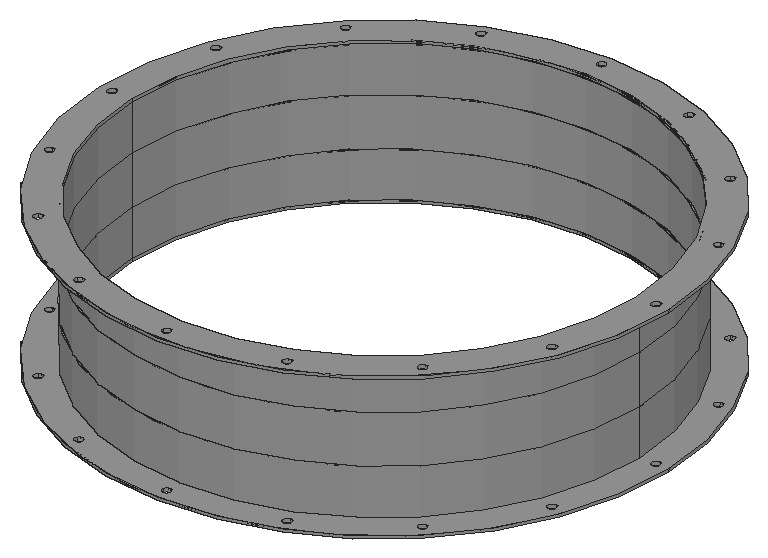
Revit family "ВВГФ-ВО_eng", category Duct Accessories, Revit 2021
Family settings
  Round Connector Dimension = Use Diameter
  Part Type = Attaches To
  Work Plane-Based = No
  Always vertical = Yes
  Cut with Voids When Loaded = No
  Shared = No
Parameters (values of type "VVGF-VO-900")
  Width = L  # 260 mm
  Weight = 11.40 kg
  Load Classification = "HVAC"
  Diameter = D2  # 1015 mm
  Default Elevation = 0 mm
  Manufacturer = "Vents"  # constant formula
  t = L - 5 mm  # 255 mm
  n = 16
  l1 = L / 3  # 86.667 mm
  l = L / 2  # 130 mm
  d = 15 mm
  URL = "https://ventilation-system.com/series/vvgf-vo"
  R1 = D1 / 2  # 485 mm
  Maintenance zone material = none
  L = 260 mm
  Dy = 900 mm
  Dn = Dy + 10 mm  # 910 mm
  D2 = 1015 mm
  D1 = 970 mm
  Casing Material = Metal, painted, blue, matte RAL 5007
  09_System_Name [instance] = ""
  00_20_Type = "VVGF-VO-900"
  00_20_Name = "Flexible joint"  # constant formula
  00_20_Manufacturer = "Vents"  # constant formula
Types (12, lengths in mm): name | Weight | Diameter | n | d | R1 | Dy | Dn | D2 | D1 | 00_20_Type
  (no name) | 11.40 kg | 1015 | 16 | 15 | 485 | 900 | 910 | 1015 | 970 | "VVGF-VO-900"
  VVGF-VO-400 | 4.76 kg | 490 | 12 | 8 | 225 | 400 | 410 | 490 | 450 | "VVGF-VO-400"
  VVGF-VO-450 | 5.34 kg | 540 | 12 | 8 | 250 | 450 | 460 | 540 | 500 | "VVGF-VO-450"
  VVGF-VO-500 | 6.12 kg | 600 | 12 | 12 | 280 | 500 | 510 | 600 | 560 | "VVGF-VO-500"
  VVGF-VO-560 | 6.83 kg | 660 | 12 | 12 | 310 | 560 | 570 | 660 | 620 | "VVGF-VO-560"
  VVGF-VO-630 | 7.66 kg | 730 | 12 | 12 | 345 | 630 | 640 | 730 | 690 | "VVGF-VO-630"
  VVGF-VO-710 | 8.60 kg | 810 | 16 | 12 | 385 | 710 | 720 | 810 | 770 | "VVGF-VO-710"
  VVGF-VO-800 | 9.67 kg | 900 | 16 | 12 | 430 | 800 | 810 | 900 | 860 | "VVGF-VO-800"
  VVGF-VO-900 | 11.40 kg | 1015 | 16 | 15 | 485 | 900 | 910 | 1015 | 970 | "VVGF-VO-900"
  VVGF-VO-1000 | 12.64 kg | 1115 | 16 | 15 | 535 | 1000 | 1010 | 1115 | 1070 | "VVGF-VO-1000"
  VVGF-VO-1120 | 15.73 kg | 1270 | 20 | 15 | 595 | 1120 | 1130 | 1270 | 1190 | "VVGF-VO-1120"
  VVGF-VO-1250 | 17.52 kg | 1400 | 20 | 15 | 660 | 1250 | 1260 | 1400 | 1320 | "VVGF-VO-1250"
Reference planes
  plane 1 "По центру (Вперед/Назад)": y = 0
  plane 2: z = 0
  plane 3 "По центру (Влево/Вправо)": x = 0
  plane 4: z = 260
Forms (mm)
  Extrusion 1, solid, material "Metal, painted, blue, matte RAL 5007" <- "Casing Material"
    sketch origin (0, 0, 0) x (1, 0, 0) y (0, 1, 0)
      loop
        circle (0, 0) r 450
      loop
        circle (0, 0) r 507.5
    from 0 to 5
  Extrusion 2, void
    sketch origin (0, 263.787, 0) x (1, 0, 0) y (0, 1, 0)
      loop
        circle (0, 221.213) r 7.5
    from 0 to 5
  Extrusion 3, void
    sketch origin (100.947, 243.708, 0) x (0.92388, -0.382683, 0) y (0.382683, 0.92388, 0)
      loop
        circle (0, 221.213) r 7.5
    from 0 to 5
  Extrusion 4, void
    sketch origin (-100.947, 243.708, 0) x (0.92388, 0.382683, 0) y (-0.382683, 0.92388, 0)
      loop
        circle (0, 221.213) r 7.5
    from 0 to 5
  Extrusion 5, void
    sketch origin (-186.526, 186.526, 0) x (0.707107, 0.707107, 0) y (-0.707107, 0.707107, 0)
      loop
        circle (0, 221.213) r 7.5
    from 0 to 5
  Extrusion 6, void
    sketch origin (-243.708, 100.947, 0) x (0.382683, 0.92388, 0) y (-0.92388, 0.382683, 0)
      loop
        circle (0, 221.213) r 7.5
    from 0 to 5
  Extrusion 7, void
    sketch origin (-263.787, 0, 0) x (0, 1, 0) y (-1, 0, 0)
      loop
        circle (0, 221.213) r 7.5
    from 0 to 5
  Extrusion 8, void
    sketch origin (-243.708, -100.947, 0) x (-0.382683, 0.92388, 0) y (-0.92388, -0.382683, 0)
      loop
        circle (0, 221.213) r 7.5
    from 0 to 5
  Extrusion 9, void
    sketch origin (-186.526, -186.526, 0) x (-0.707107, 0.707107, 0) y (-0.707107, -0.707107, 0)
      loop
        circle (0, 221.213) r 7.5
    from 0 to 5
  Extrusion 10, void
    sketch origin (-100.947, -243.708, 0) x (-0.92388, 0.382683, 0) y (-0.382683, -0.92388, 0)
      loop
        circle (0, 221.213) r 7.5
    from 0 to 5
  Extrusion 11, void
    sketch origin (0, -263.787, 0) x (-1, 0, 0) y (0, -1, 0)
      loop
        circle (0, 221.213) r 7.5
    from 0 to 5
  Extrusion 12, void
    sketch origin (100.947, -243.708, 0) x (-0.92388, -0.382683, 0) y (0.382683, -0.92388, 0)
      loop
        circle (0, 221.213) r 7.5
    from 0 to 5
  Extrusion 13, void
    sketch origin (186.526, -186.526, 0) x (-0.707107, -0.707107, 0) y (0.707107, -0.707107, 0)
      loop
        circle (0, 221.213) r 7.5
    from 0 to 5
  Extrusion 14, solid, material "Metal, painted, blue, matte RAL 5007" <- "Casing Material"
    sketch origin (0, 0, 0) x (1, 0, 0) y (0, 1, 0)
      loop
        circle (0, 0) r 450
      loop
        circle (0, 0) r 507.5
    from 255 to 260
  Extrusion 15, void
    sketch origin (0, 263.053, 0) x (1, 0, 0) y (0, 1, 0)
      loop
        circle (0, 221.947) r 7.5
    from 255 <- "t" to 260 <- "L"
  Extrusion 16, void
    sketch origin (100.666, 243.03, 0) x (0.92388, -0.382683, 0) y (0.382683, 0.92388, 0)
      loop
        circle (0, 221.947) r 7.5
    from 255 <- "t" to 260 <- "L"
  Extrusion 17, void
    sketch origin (-100.666, 243.03, 0) x (0.92388, 0.382683, 0) y (-0.382683, 0.92388, 0)
      loop
        circle (0, 221.947) r 7.5
    from 255 <- "t" to 260 <- "L"
  Extrusion 18, void
    sketch origin (-186.007, 186.007, 0) x (0.707107, 0.707107, 0) y (-0.707107, 0.707107, 0)
      loop
        circle (0, 221.947) r 7.5
    from 255 <- "t" to 260 <- "L"
  Extrusion 19, void
    sketch origin (-243.03, 100.666, 0) x (0.382683, 0.92388, 0) y (-0.92388, 0.382683, 0)
      loop
        circle (0, 221.947) r 7.5
    from 255 <- "t" to 260 <- "L"
  Extrusion 20, void
    sketch origin (-263.053, 0, 0) x (0, 1, 0) y (-1, 0, 0)
      loop
        circle (0, 221.947) r 7.5
    from 255 <- "t" to 260 <- "L"
  Extrusion 21, void
    sketch origin (-243.03, -100.666, 0) x (-0.382683, 0.92388, 0) y (-0.92388, -0.382683, 0)
      loop
        circle (0, 221.947) r 7.5
    from 255 <- "t" to 260 <- "L"
  Extrusion 22, void
    sketch origin (-186.007, -186.007, 0) x (-0.707107, 0.707107, 0) y (-0.707107, -0.707107, 0)
      loop
        circle (0, 221.947) r 7.5
    from 255 <- "t" to 260 <- "L"
  Extrusion 23, void
    sketch origin (-100.666, -243.03, 0) x (-0.92388, 0.382683, 0) y (-0.382683, -0.92388, 0)
      loop
        circle (0, 221.947) r 7.5
    from 255 <- "t" to 260 <- "L"
  Extrusion 24, void
    sketch origin (0, -263.053, 0) x (-1, 0, 0) y (0, -1, 0)
      loop
        circle (0, 221.947) r 7.5
    from 255 <- "t" to 260 <- "L"
  Extrusion 25, void
    sketch origin (100.666, -243.03, 0) x (-0.92388, -0.382683, 0) y (0.382683, -0.92388, 0)
      loop
        circle (0, 221.947) r 7.5
    from 255 <- "t" to 260 <- "L"
  Extrusion 26, void
    sketch origin (186.007, -186.007, 0) x (-0.707107, -0.707107, 0) y (0.707107, -0.707107, 0)
      loop
        circle (0, 221.947) r 7.5
    from 255 <- "t" to 260 <- "L"
  Extrusion 27, solid, material "Ткань"
    sketch origin (0, 0, 0) x (1, 0, 0) y (0, 1, 0)
      loop
        circle (0, 0) r 450
      loop
        circle (0, 0) r 455
    from 5 to 86.667
  Extrusion 28, solid, material "Ткань"
    sketch origin (0, 0, 0) x (1, 0, 0) y (0, 1, 0)
      loop
        circle (0, 0) r 455
      loop
        circle (0, 0) r 450
    from 86.667 to 173.333
  Extrusion 29, solid, material "Ткань"
    sketch origin (0, 0, 0) x (1, 0, 0) y (0, 1, 0)
      loop
        circle (0, 0) r 455
      loop
        circle (0, 0) r 450
    from 255 to 173.333
  Extrusion 30, void
    sketch origin (243.708, -100.947, 0) x (-0.382683, -0.92388, 0) y (0.92388, -0.382683, 0)
      loop
        circle (0, 221.213) r 7.5
    from 0 to 5
  Extrusion 31, void
    sketch origin (263.787, 0, 0) x (0, -1, 0) y (1, 0, 0)
      loop
        circle (0, 221.213) r 7.5
    from 0 to 5
  Extrusion 32, void
    sketch origin (243.708, 100.947, 0) x (0.382683, -0.92388, 0) y (0.92388, 0.382683, 0)
      loop
        circle (0, 221.213) r 7.5
    from 0 to 5
  Extrusion 33, void
    sketch origin (186.526, 186.526, 0) x (0.707107, -0.707107, 0) y (0.707107, 0.707107, 0)
      loop
        circle (0, 221.213) r 7.5
    from 0 to 5
  Extrusion 34, void
    sketch origin (243.03, -100.666, 0) x (-0.382683, -0.92388, 0) y (0.92388, -0.382683, 0)
      loop
        circle (0, 221.947) r 7.5
    from 255 <- "t" to 260 <- "L"
  Extrusion 35, void
    sketch origin (263.053, 0, 0) x (0, -1, 0) y (1, 0, 0)
      loop
        circle (0, 221.947) r 7.5
    from 255 <- "t" to 260 <- "L"
  Extrusion 36, void
    sketch origin (243.03, 100.666, 0) x (0.382683, -0.92388, 0) y (0.92388, 0.382683, 0)
      loop
        circle (0, 221.947) r 7.5
    from 255 <- "t" to 260 <- "L"
  Extrusion 37, void
    sketch origin (186.007, 186.007, 0) x (0.707107, -0.707107, 0) y (0.707107, 0.707107, 0)
      loop
        circle (0, 221.947) r 7.5
    from 255 <- "t" to 260 <- "L"
Cuts and joins
  Extrusion 2, Extrusion 3, Extrusion 4, Extrusion 5, Extrusion 6, Extrusion 7, Extrusion 8, Extrusion 9, Extrusion 10, Extrusion 11, Extrusion 12, Extrusion 13, Extrusion 30, Extrusion 31, Extrusion 32, Extrusion 33 cuts Extrusion 1
  Extrusion 15, Extrusion 16, Extrusion 17, Extrusion 18, Extrusion 19, Extrusion 20, Extrusion 21, Extrusion 22, Extrusion 23, Extrusion 24, Extrusion 25, Extrusion 26, Extrusion 34, Extrusion 35, Extrusion 36, Extrusion 37 cuts Extrusion 14
Dimensions and locks
  "L": level to plane 4
  locked: Extrusion 1 to Extrusion 1 at 5
  locked: Extrusion 14 to Extrusion 14 at 5
  "l1": Extrusion 27 to level
  "l1": Extrusion 28 to Extrusion 28
  "l1": Extrusion 29 to plane 4
  "Dy": diameter of Extrusion 1 sketch curve
  "D2": diameter of Extrusion 1 sketch curve
  "d": diameter of Extrusion 2 sketch curve
  "d": diameter of Extrusion 3 sketch curve
  "d": diameter of Extrusion 4 sketch curve
  "d": diameter of Extrusion 5 sketch curve
  "d": diameter of Extrusion 6 sketch curve
  "d": diameter of Extrusion 7 sketch curve
  "d": diameter of Extrusion 8 sketch curve
  "d": diameter of Extrusion 9 sketch curve
  "d": diameter of Extrusion 10 sketch curve
  "d": diameter of Extrusion 11 sketch curve
  "d": diameter of Extrusion 12 sketch curve
  "d": diameter of Extrusion 13 sketch curve
  "R1": radius of radial array  (x2)
  "Dy": diameter of Extrusion 14 sketch curve
  "D2": diameter of Extrusion 14 sketch curve
  "d": diameter of Extrusion 15 sketch curve
  "d": diameter of Extrusion 16 sketch curve
  "d": diameter of Extrusion 17 sketch curve
  "d": diameter of Extrusion 18 sketch curve
  "d": diameter of Extrusion 19 sketch curve
  "d": diameter of Extrusion 20 sketch curve
  "d": diameter of Extrusion 21 sketch curve
  "d": diameter of Extrusion 22 sketch curve
  "d": diameter of Extrusion 23 sketch curve
  "d": diameter of Extrusion 24 sketch curve
  "d": diameter of Extrusion 25 sketch curve
  "d": diameter of Extrusion 26 sketch curve
  "Dy": diameter of Extrusion 27 sketch curve
  "Dn": diameter of Extrusion 27 sketch curve
  "Dn": diameter of Extrusion 28 sketch curve
  "Dy": diameter of Extrusion 28 sketch curve
  "Dy": diameter of Extrusion 29 sketch curve
  "Dn": diameter of Extrusion 29 sketch curve
  "d": diameter of Extrusion 30 sketch curve
  "d": diameter of Extrusion 31 sketch curve
  "d": diameter of Extrusion 32 sketch curve
  "d": diameter of Extrusion 33 sketch curve
  "d": diameter of Extrusion 34 sketch curve
  "d": diameter of Extrusion 35 sketch curve
  "d": diameter of Extrusion 36 sketch curve
  "d": diameter of Extrusion 37 sketch curve
  aligned and locked: level to plane 2
  aligned and locked: plane 4 to Extrusion 14
  aligned and locked: Extrusion 27 to cut or joined group 1 (Extrusion 1, Extrusion 2, Extrusion 3, Extrusion 4, Extrusion 5, Extrusion 6, Extrusion 7, Extrusion 8, Extrusion 9, Extrusion 10, Extrusion 11, Extrusion 12, Extrusion 13, Extrusion 30, Extrusion 31, Extrusion 32, Extrusion 33)
  aligned and locked: Extrusion 28 to Extrusion 27
  aligned and locked: Extrusion 29 to cut or joined group 2 (Extrusion 14, Extrusion 15, Extrusion 16, Extrusion 17, Extrusion 18, Extrusion 19, Extrusion 20, Extrusion 21, Extrusion 22, Extrusion 23, Extrusion 24, Extrusion 25, Extrusion 26, Extrusion 34, Extrusion 35, Extrusion 36, Extrusion 37)
Automatic sketch dimensions
  Extrusion 1 sketch curve to Extrusion 1 sketch curve = 0 mm  (x2)
  plane 1 "По центру (Вперед/Назад)" to Extrusion 1 sketch curve = 0 mm
  Extrusion 1 sketch curve to plane 3 "По центру (Влево/Вправо)" = 0 mm
  Extrusion 14 sketch curve to Extrusion 14 sketch curve = 0 mm  (x2)
  plane 1 "По центру (Вперед/Назад)" to Extrusion 14 sketch curve = 0 mm
  Extrusion 14 sketch curve to plane 3 "По центру (Влево/Вправо)" = 0 mm
  Extrusion 27 sketch curve to Extrusion 27 sketch curve = 0 mm  (x2)
  plane 1 "По центру (Вперед/Назад)" to Extrusion 27 sketch curve = 0 mm
  Extrusion 27 sketch curve to plane 3 "По центру (Влево/Вправо)" = 0 mm
  Extrusion 28 sketch curve to Extrusion 28 sketch curve = 0 mm  (x2)
  plane 1 "По центру (Вперед/Назад)" to Extrusion 28 sketch curve = 0 mm
  Extrusion 28 sketch curve to plane 3 "По центру (Влево/Вправо)" = 0 mm
  Extrusion 29 sketch curve to Extrusion 29 sketch curve = 0 mm  (x2)
  plane 1 "По центру (Вперед/Назад)" to Extrusion 29 sketch curve = 0 mm
  Extrusion 29 sketch curve to plane 3 "По центру (Влево/Вправо)" = 0 mm
Connectors
  hvac at (0, 0, 260), driven by "Dy"
    settings: on cut or joined group 2, index 1, duct flow 0.0 L/s, flow factor 0, pres drop 0.0 Pa, loss coef 0, conn angle 0.00°, conn width 304.8 mm, conn height 304.8 mm, conn diameter 900 mm, duct sys type 3, conn prof type 0, flow config 0, flow direction 0, loss method 0, conn ref index -1, conn util no, is conn primary yes, conn desc ""
  hvac at (0, 0, 0), driven by "Dy"
    settings: on cut or joined group 1, index 2, duct flow 0.0 L/s, flow factor 0, pres drop 0.0 Pa, loss coef 0, conn angle 0.00°, conn width 304.8 mm, conn height 304.8 mm, conn diameter 900 mm, duct sys type 3, conn prof type 0, flow config 0, flow direction 0, loss method 0, conn ref index -1, conn util no, is conn primary no, conn desc ""
